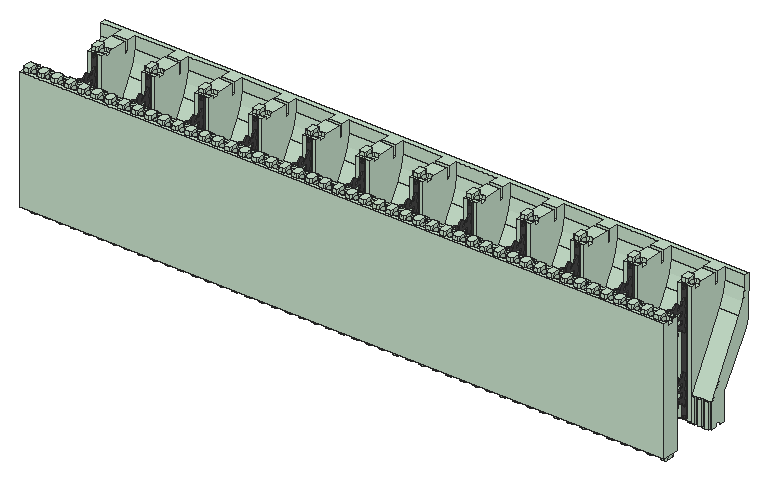
Revit family
Parameters (values of type "152 mm Brick Ledge Form Unit")
  URL = "www.nudura.com"
  Model = "152 mm Brick Ledge Form Unit"
  Manufacturer = "NUDURA Corporation"
  Length = 2438.4 mm
  Concrete Core Thickness = 152.4 mm
Reference planes
  plane 1 "Center (Front/Back)": y = 0
  plane 2: z = 0
  plane 3 "Center (Left/Right)": x = 0
Forms (mm)
  Extrusion 1, solid, material "EPS- NUDURA- Foam Panel"
    sketch origin (0, -0.069, 0) x (1, 0, 0) y (0, 1, 0)
      loop
        line (7.142, -82.55) -> (0, -82.55) -> (0, -142.875) -> (2438.4, -142.875) -> (2438.4, -82.55) -> (2431.258, -82.55) -> (2432.842, -76.2) -> (2418.558, -76.2) -> (2420.142, -82.55) -> (2405.858, -82.55) -> (2407.442, -76.2) -> (2393.158, -76.2) -> (2394.742, -82.55) -> (2380.458, -82.55) -> (2382.042, -76.2) -> (2367.758, -76.2) -> (2369.342, -82.55) -> (2304.258, -82.55) -> (2305.842, -76.2) -> (2291.558, -76.2) -> (2293.142, -82.55) -> (2278.858, -82.55) -> (2280.442, -76.2) -> (2266.158, -76.2) -> (2267.742, -82.55) -> (2253.458, -82.55) -> (2255.042, -76.2) -> (2240.758, -76.2) -> (2242.342, -82.55) -> (2228.058, -82.55) -> (2229.642, -76.2) -> (2215.358, -76.2) -> (2216.942, -82.55) -> (2202.658, -82.55) -> (2204.242, -76.2) -> (2189.958, -76.2) -> (2191.542, -82.55) -> (2177.258, -82.55) -> (2178.842, -76.2) -> (2164.558, -76.2) -> (2166.142, -82.55) -> (2101.058, -82.55) -> (2102.642, -76.2) -> (2088.358, -76.2) -> (2089.942, -82.55) -> (2075.658, -82.55) -> (2077.242, -76.2) -> (2062.958, -76.2) -> (2064.542, -82.55) -> (2050.258, -82.55) -> (2051.842, -76.2) -> (2037.558, -76.2) -> (2039.142, -82.55) -> (2024.858, -82.55) -> (2026.442, -76.2) -> (2012.158, -76.2) -> (2013.742, -82.55) -> (1999.458, -82.55) -> (2001.042, -76.2) -> (1986.758, -76.2) -> (1988.342, -82.55) -> (1974.058, -82.55) -> (1975.642, -76.2) -> (1961.358, -76.2) -> (1962.942, -82.55) -> (1897.858, -82.55) -> (1899.442, -76.2) -> (1885.158, -76.2) -> (1886.742, -82.55) -> (1872.458, -82.55) -> (1874.042, -76.2) -> (1859.758, -76.2) -> (1861.342, -82.55) -> (1847.058, -82.55) -> (1848.642, -76.2) -> (1834.358, -76.2) -> (1835.942, -82.55) -> (1821.658, -82.55) -> (1823.242, -76.2) -> (1808.958, -76.2) -> (1810.542, -82.55) -> (1796.258, -82.55) -> (1797.842, -76.2) -> (1783.558, -76.2) -> (1785.142, -82.55) -> (1770.858, -82.55) -> (1772.442, -76.2) -> (1758.158, -76.2) -> (1759.742, -82.55) -> (1694.658, -82.55) -> (1696.242, -76.2) -> (1681.958, -76.2) -> (1683.542, -82.55) -> (1669.258, -82.55) -> (1670.842, -76.2) -> (1656.558, -76.2) -> (1658.142, -82.55) -> (1643.858, -82.55) -> (1645.442, -76.2) -> (1631.158, -76.2) -> (1632.742, -82.55) -> (1618.458, -82.55) -> (1620.042, -76.2) -> (1605.758, -76.2) -> (1607.342, -82.55) -> (1593.058, -82.55) -> (1594.642, -76.2) -> (1580.358, -76.2) -> (1581.942, -82.55) -> (1567.658, -82.55) -> (1569.242, -76.2) -> (1554.958, -76.2) -> (1556.542, -82.55) -> (1491.458, -82.55) -> (1493.042, -76.2) -> (1478.758, -76.2) -> (1480.342, -82.55) -> (1466.058, -82.55) -> (1467.642, -76.2) -> (1453.358, -76.2) -> (1454.942, -82.55) -> (1440.658, -82.55) -> (1442.242, -76.2) -> (1427.958, -76.2) -> (1429.542, -82.55) -> (1415.258, -82.55) -> (1416.842, -76.2) -> (1402.558, -76.2) -> (1404.142, -82.55) -> (1389.858, -82.55) -> (1391.442, -76.2) -> (1377.158, -76.2) -> (1378.742, -82.55) -> (1364.458, -82.55) -> (1366.042, -76.2) -> (1351.758, -76.2) -> (1353.342, -82.55) -> (1288.258, -82.55) -> (1289.842, -76.2) -> (1275.558, -76.2) -> (1277.142, -82.55) -> (1262.858, -82.55) -> (1264.442, -76.2) -> (1250.158, -76.2) -> (1251.742, -82.55) -> (1237.458, -82.55) -> (1239.042, -76.2) -> (1224.758, -76.2) -> (1226.342, -82.55) -> (1212.058, -82.55) -> (1213.642, -76.2) -> (1199.358, -76.2) -> (1200.942, -82.55) -> (1186.658, -82.55) -> (1188.242, -76.2) -> (1173.958, -76.2) -> (1175.542, -82.55) -> (1161.258, -82.55) -> (1162.842, -76.2) -> (1148.558, -76.2) -> (1150.142, -82.55) -> (1085.058, -82.55) -> (1086.642, -76.2) -> (1072.358, -76.2) -> (1073.942, -82.55) -> (1059.658, -82.55) -> (1061.242, -76.2) -> (1046.958, -76.2) -> (1048.542, -82.55) -> (1034.258, -82.55) -> (1035.842, -76.2) -> (1021.558, -76.2) -> (1023.142, -82.55) -> (1008.858, -82.55) -> (1010.442, -76.2) -> (996.158, -76.2) -> (997.742, -82.55) -> (983.458, -82.55) -> (985.042, -76.2) -> (970.758, -76.2) -> (972.342, -82.55) -> (958.058, -82.55) -> (959.642, -76.2) -> (945.358, -76.2) -> (946.942, -82.55) -> (881.858, -82.55) -> (883.442, -76.2) -> (869.158, -76.2) -> (870.742, -82.55) -> (856.458, -82.55) -> (858.042, -76.2) -> (843.758, -76.2) -> (845.342, -82.55) -> (831.058, -82.55) -> (832.642, -76.2) -> (818.358, -76.2) -> (819.942, -82.55) -> (805.658, -82.55) -> (807.242, -76.2) -> (792.958, -76.2) -> (794.542, -82.55) -> (780.258, -82.55) -> (781.842, -76.2) -> (767.558, -76.2) -> (769.142, -82.55) -> (754.858, -82.55) -> (756.442, -76.2) -> (742.158, -76.2) -> (743.742, -82.55) -> (678.658, -82.55) -> (680.242, -76.2) -> (665.958, -76.2) -> (667.542, -82.55) -> (653.258, -82.55) -> (654.842, -76.2) -> (640.558, -76.2) -> (642.142, -82.55) -> (627.858, -82.55) -> (629.442, -76.2) -> (615.158, -76.2) -> (616.742, -82.55) -> (602.458, -82.55) -> (604.042, -76.2) -> (589.758, -76.2) -> (591.342, -82.55) -> (577.058, -82.55) -> (578.642, -76.2) -> (564.358, -76.2) -> (565.942, -82.55) -> (551.658, -82.55) -> (553.242, -76.2) -> (538.958, -76.2) -> (540.542, -82.55) -> (475.458, -82.55) -> (477.042, -76.2) -> (462.758, -76.2) -> (464.342, -82.55) -> (450.058, -82.55) -> (451.642, -76.2) -> (437.358, -76.2) -> (438.942, -82.55) -> (424.658, -82.55) -> (426.242, -76.2) -> (411.958, -76.2) -> (413.542, -82.55) -> (399.258, -82.55) -> (400.842, -76.2) -> (386.558, -76.2) -> (388.142, -82.55) -> (373.858, -82.55) -> (375.442, -76.2) -> (361.158, -76.2) -> (362.742, -82.55) -> (348.458, -82.55) -> (350.042, -76.2) -> (335.758, -76.2) -> (337.342, -82.55) -> (272.258, -82.55) -> (273.842, -76.2) -> (259.558, -76.2) -> (261.142, -82.55) -> (246.858, -82.55) -> (248.442, -76.2) -> (234.158, -76.2) -> (235.742, -82.55) -> (221.458, -82.55) -> (223.042, -76.2) -> (208.758, -76.2) -> (210.342, -82.55) -> (196.058, -82.55) -> (197.642, -76.2) -> (183.358, -76.2) -> (184.942, -82.55) -> (170.658, -82.55) -> (172.242, -76.2) -> (157.958, -76.2) -> (159.542, -82.55) -> (145.258, -82.55) -> (146.842, -76.2) -> (132.558, -76.2) -> (134.142, -82.55) -> (69.058, -82.55) -> (70.642, -76.2) -> (56.358, -76.2) -> (57.942, -82.55) -> (43.658, -82.55) -> (45.242, -76.2) -> (30.958, -76.2) -> (32.542, -82.55) -> (18.258, -82.55) -> (19.842, -76.2) -> (5.558, -76.2) -> (7.142, -82.55)
    from 0 to 457.2
  Extrusion 2, void
    sketch origin (0, -0.069, 0) x (1, 0, 0) y (0, 1, 0)
      loop
        arc (25.4, -124.411) -> (26.615, -128.147) -> (29.796, -130.453) r 6.35
        arc (29.796, -130.453) -> (38.1, -131.763) -> (46.404, -130.453) r 26.987
        arc (46.404, -130.453) -> (49.585, -128.147) -> (50.8, -124.411) r 6.35
        line (50.8, -124.411) -> (50.8, -101.014)
        arc (50.8, -101.014) -> (50.362, -98.696) -> (49.108, -96.698) r 6.35
        arc (49.108, -96.698) -> (48.795, -96.199) -> (48.685, -95.62) r 1.588
        line (48.685, -95.62) -> (48.685, -86.829) -> (44.346, -86.829) -> (44.346, -92.457)
        arc (44.346, -92.457) -> (43.786, -93.668) -> (42.5, -94.024) r 1.587
        arc (42.5, -94.024) -> (36.091, -93.737) -> (29.796, -94.972) r 26.988
        arc (29.796, -94.972) -> (26.615, -97.278) -> (25.4, -101.014) r 6.35
        line (25.4, -101.014) -> (25.4, -124.411)
    from 457.2 to 444.5
  Extrusion 3, void
    sketch origin (50.8, -0.069, 0) x (1, 0, 0) y (0, 1, 0)
      loop
        arc (25.4, -124.411) -> (26.615, -128.147) -> (29.796, -130.453) r 6.35
        arc (29.796, -130.453) -> (38.1, -131.763) -> (46.404, -130.453) r 26.987
        arc (46.404, -130.453) -> (49.585, -128.147) -> (50.8, -124.411) r 6.35
        line (50.8, -124.411) -> (50.8, -101.014)
        arc (50.8, -101.014) -> (50.362, -98.696) -> (49.108, -96.698) r 6.35
        arc (49.108, -96.698) -> (48.795, -96.199) -> (48.685, -95.62) r 1.588
        line (48.685, -95.62) -> (48.685, -86.829) -> (44.346, -86.829) -> (44.346, -92.457)
        arc (44.346, -92.457) -> (43.786, -93.668) -> (42.5, -94.024) r 1.587
        arc (42.5, -94.024) -> (36.091, -93.737) -> (29.796, -94.972) r 26.988
        arc (29.796, -94.972) -> (26.615, -97.278) -> (25.4, -101.014) r 6.35
        line (25.4, -101.014) -> (25.4, -124.411)
    from 457.2 to 444.5
  Extrusion 4, void
    sketch origin (101.6, -0.069, 0) x (1, 0, 0) y (0, 1, 0)
      loop
        arc (25.4, -124.411) -> (26.615, -128.147) -> (29.796, -130.453) r 6.35
        arc (29.796, -130.453) -> (38.1, -131.763) -> (46.404, -130.453) r 26.987
        arc (46.404, -130.453) -> (49.585, -128.147) -> (50.8, -124.411) r 6.35
        line (50.8, -124.411) -> (50.8, -101.014)
        arc (50.8, -101.014) -> (50.362, -98.696) -> (49.108, -96.698) r 6.35
        arc (49.108, -96.698) -> (48.795, -96.199) -> (48.685, -95.62) r 1.588
        line (48.685, -95.62) -> (48.685, -86.829) -> (44.346, -86.829) -> (44.346, -92.457)
        arc (44.346, -92.457) -> (43.786, -93.668) -> (42.5, -94.024) r 1.587
        arc (42.5, -94.024) -> (36.091, -93.737) -> (29.796, -94.972) r 26.988
        arc (29.796, -94.972) -> (26.615, -97.278) -> (25.4, -101.014) r 6.35
        line (25.4, -101.014) -> (25.4, -124.411)
    from 457.2 to 444.5
  Extrusion 5, void
    sketch origin (152.4, -0.069, 0) x (1, 0, 0) y (0, 1, 0)
      loop
        arc (25.4, -124.411) -> (26.615, -128.147) -> (29.796, -130.453) r 6.35
        arc (29.796, -130.453) -> (38.1, -131.763) -> (46.404, -130.453) r 26.987
        arc (46.404, -130.453) -> (49.585, -128.147) -> (50.8, -124.411) r 6.35
        line (50.8, -124.411) -> (50.8, -101.014)
        arc (50.8, -101.014) -> (50.362, -98.696) -> (49.108, -96.698) r 6.35
        arc (49.108, -96.698) -> (48.795, -96.199) -> (48.685, -95.62) r 1.588
        line (48.685, -95.62) -> (48.685, -86.829) -> (44.346, -86.829) -> (44.346, -92.457)
        arc (44.346, -92.457) -> (43.786, -93.668) -> (42.5, -94.024) r 1.587
        arc (42.5, -94.024) -> (36.091, -93.737) -> (29.796, -94.972) r 26.988
        arc (29.796, -94.972) -> (26.615, -97.278) -> (25.4, -101.014) r 6.35
        line (25.4, -101.014) -> (25.4, -124.411)
    from 457.2 to 444.5
  Extrusion 6, void
    sketch origin (203.2, -0.069, 0) x (1, 0, 0) y (0, 1, 0)
      loop
        arc (25.4, -124.411) -> (26.615, -128.147) -> (29.796, -130.453) r 6.35
        arc (29.796, -130.453) -> (38.1, -131.763) -> (46.404, -130.453) r 26.987
        arc (46.404, -130.453) -> (49.585, -128.147) -> (50.8, -124.411) r 6.35
        line (50.8, -124.411) -> (50.8, -101.014)
        arc (50.8, -101.014) -> (50.362, -98.696) -> (49.108, -96.698) r 6.35
        arc (49.108, -96.698) -> (48.795, -96.199) -> (48.685, -95.62) r 1.588
        line (48.685, -95.62) -> (48.685, -86.829) -> (44.346, -86.829) -> (44.346, -92.457)
        arc (44.346, -92.457) -> (43.786, -93.668) -> (42.5, -94.024) r 1.587
        arc (42.5, -94.024) -> (36.091, -93.737) -> (29.796, -94.972) r 26.988
        arc (29.796, -94.972) -> (26.615, -97.278) -> (25.4, -101.014) r 6.35
        line (25.4, -101.014) -> (25.4, -124.411)
    from 457.2 to 444.5
  Extrusion 7, void
    sketch origin (254, -0.069, 0) x (1, 0, 0) y (0, 1, 0)
      loop
        arc (25.4, -124.411) -> (26.615, -128.147) -> (29.796, -130.453) r 6.35
        arc (29.796, -130.453) -> (38.1, -131.763) -> (46.404, -130.453) r 26.987
        arc (46.404, -130.453) -> (49.585, -128.147) -> (50.8, -124.411) r 6.35
        line (50.8, -124.411) -> (50.8, -101.014)
        arc (50.8, -101.014) -> (50.362, -98.696) -> (49.108, -96.698) r 6.35
        arc (49.108, -96.698) -> (48.795, -96.199) -> (48.685, -95.62) r 1.588
        line (48.685, -95.62) -> (48.685, -86.829) -> (44.346, -86.829) -> (44.346, -92.457)
        arc (44.346, -92.457) -> (43.786, -93.668) -> (42.5, -94.024) r 1.587
        arc (42.5, -94.024) -> (36.091, -93.737) -> (29.796, -94.972) r 26.988
        arc (29.796, -94.972) -> (26.615, -97.278) -> (25.4, -101.014) r 6.35
        line (25.4, -101.014) -> (25.4, -124.411)
    from 457.2 to 444.5
  Extrusion 8, void
    sketch origin (304.8, -0.069, 0) x (1, 0, 0) y (0, 1, 0)
      loop
        arc (25.4, -124.411) -> (26.615, -128.147) -> (29.796, -130.453) r 6.35
        arc (29.796, -130.453) -> (38.1, -131.763) -> (46.404, -130.453) r 26.987
        arc (46.404, -130.453) -> (49.585, -128.147) -> (50.8, -124.411) r 6.35
        line (50.8, -124.411) -> (50.8, -101.014)
        arc (50.8, -101.014) -> (50.362, -98.696) -> (49.108, -96.698) r 6.35
        arc (49.108, -96.698) -> (48.795, -96.199) -> (48.685, -95.62) r 1.588
        line (48.685, -95.62) -> (48.685, -86.829) -> (44.346, -86.829) -> (44.346, -92.457)
        arc (44.346, -92.457) -> (43.786, -93.668) -> (42.5, -94.024) r 1.587
        arc (42.5, -94.024) -> (36.091, -93.737) -> (29.796, -94.972) r 26.988
        arc (29.796, -94.972) -> (26.615, -97.278) -> (25.4, -101.014) r 6.35
        line (25.4, -101.014) -> (25.4, -124.411)
    from 457.2 to 444.5
  Extrusion 9, void
    sketch origin (355.6, -0.069, 0) x (1, 0, 0) y (0, 1, 0)
      loop
        arc (25.4, -124.411) -> (26.615, -128.147) -> (29.796, -130.453) r 6.35
        arc (29.796, -130.453) -> (38.1, -131.763) -> (46.404, -130.453) r 26.987
        arc (46.404, -130.453) -> (49.585, -128.147) -> (50.8, -124.411) r 6.35
        line (50.8, -124.411) -> (50.8, -101.014)
        arc (50.8, -101.014) -> (50.362, -98.696) -> (49.108, -96.698) r 6.35
        arc (49.108, -96.698) -> (48.795, -96.199) -> (48.685, -95.62) r 1.588
        line (48.685, -95.62) -> (48.685, -86.829) -> (44.346, -86.829) -> (44.346, -92.457)
        arc (44.346, -92.457) -> (43.786, -93.668) -> (42.5, -94.024) r 1.587
        arc (42.5, -94.024) -> (36.091, -93.737) -> (29.796, -94.972) r 26.988
        arc (29.796, -94.972) -> (26.615, -97.278) -> (25.4, -101.014) r 6.35
        line (25.4, -101.014) -> (25.4, -124.411)
    from 457.2 to 444.5
  Extrusion 10, void
    sketch origin (406.4, -0.069, 0) x (1, 0, 0) y (0, 1, 0)
      loop
        arc (25.4, -124.411) -> (26.615, -128.147) -> (29.796, -130.453) r 6.35
        arc (29.796, -130.453) -> (38.1, -131.763) -> (46.404, -130.453) r 26.987
        arc (46.404, -130.453) -> (49.585, -128.147) -> (50.8, -124.411) r 6.35
        line (50.8, -124.411) -> (50.8, -101.014)
        arc (50.8, -101.014) -> (50.362, -98.696) -> (49.108, -96.698) r 6.35
        arc (49.108, -96.698) -> (48.795, -96.199) -> (48.685, -95.62) r 1.588
        line (48.685, -95.62) -> (48.685, -86.829) -> (44.346, -86.829) -> (44.346, -92.457)
        arc (44.346, -92.457) -> (43.786, -93.668) -> (42.5, -94.024) r 1.587
        arc (42.5, -94.024) -> (36.091, -93.737) -> (29.796, -94.972) r 26.988
        arc (29.796, -94.972) -> (26.615, -97.278) -> (25.4, -101.014) r 6.35
        line (25.4, -101.014) -> (25.4, -124.411)
    from 457.2 to 444.5
  Extrusion 11, void
    sketch origin (457.2, -0.069, 0) x (1, 0, 0) y (0, 1, 0)
      loop
        arc (25.4, -124.411) -> (26.615, -128.147) -> (29.796, -130.453) r 6.35
        arc (29.796, -130.453) -> (38.1, -131.763) -> (46.404, -130.453) r 26.987
        arc (46.404, -130.453) -> (49.585, -128.147) -> (50.8, -124.411) r 6.35
        line (50.8, -124.411) -> (50.8, -101.014)
        arc (50.8, -101.014) -> (50.362, -98.696) -> (49.108, -96.698) r 6.35
        arc (49.108, -96.698) -> (48.795, -96.199) -> (48.685, -95.62) r 1.588
        line (48.685, -95.62) -> (48.685, -86.829) -> (44.346, -86.829) -> (44.346, -92.457)
        arc (44.346, -92.457) -> (43.786, -93.668) -> (42.5, -94.024) r 1.587
        arc (42.5, -94.024) -> (36.091, -93.737) -> (29.796, -94.972) r 26.988
        arc (29.796, -94.972) -> (26.615, -97.278) -> (25.4, -101.014) r 6.35
        line (25.4, -101.014) -> (25.4, -124.411)
    from 457.2 to 444.5
  Extrusion 12, void
    sketch origin (508, -0.069, 0) x (1, 0, 0) y (0, 1, 0)
      loop
        arc (25.4, -124.411) -> (26.615, -128.147) -> (29.796, -130.453) r 6.35
        arc (29.796, -130.453) -> (38.1, -131.763) -> (46.404, -130.453) r 26.987
        arc (46.404, -130.453) -> (49.585, -128.147) -> (50.8, -124.411) r 6.35
        line (50.8, -124.411) -> (50.8, -101.014)
        arc (50.8, -101.014) -> (50.362, -98.696) -> (49.108, -96.698) r 6.35
        arc (49.108, -96.698) -> (48.795, -96.199) -> (48.685, -95.62) r 1.588
        line (48.685, -95.62) -> (48.685, -86.829) -> (44.346, -86.829) -> (44.346, -92.457)
        arc (44.346, -92.457) -> (43.786, -93.668) -> (42.5, -94.024) r 1.587
        arc (42.5, -94.024) -> (36.091, -93.737) -> (29.796, -94.972) r 26.988
        arc (29.796, -94.972) -> (26.615, -97.278) -> (25.4, -101.014) r 6.35
        line (25.4, -101.014) -> (25.4, -124.411)
    from 457.2 to 444.5
  Extrusion 13, void
    sketch origin (558.8, -0.069, 0) x (1, 0, 0) y (0, 1, 0)
      loop
        arc (25.4, -124.411) -> (26.615, -128.147) -> (29.796, -130.453) r 6.35
        arc (29.796, -130.453) -> (38.1, -131.763) -> (46.404, -130.453) r 26.987
        arc (46.404, -130.453) -> (49.585, -128.147) -> (50.8, -124.411) r 6.35
        line (50.8, -124.411) -> (50.8, -101.014)
        arc (50.8, -101.014) -> (50.362, -98.696) -> (49.108, -96.698) r 6.35
        arc (49.108, -96.698) -> (48.795, -96.199) -> (48.685, -95.62) r 1.588
        line (48.685, -95.62) -> (48.685, -86.829) -> (44.346, -86.829) -> (44.346, -92.457)
        arc (44.346, -92.457) -> (43.786, -93.668) -> (42.5, -94.024) r 1.587
        arc (42.5, -94.024) -> (36.091, -93.737) -> (29.796, -94.972) r 26.988
        arc (29.796, -94.972) -> (26.615, -97.278) -> (25.4, -101.014) r 6.35
        line (25.4, -101.014) -> (25.4, -124.411)
    from 457.2 to 444.5
  Extrusion 14, void
    sketch origin (609.6, -0.069, 0) x (1, 0, 0) y (0, 1, 0)
      loop
        arc (25.4, -124.411) -> (26.615, -128.147) -> (29.796, -130.453) r 6.35
        arc (29.796, -130.453) -> (38.1, -131.763) -> (46.404, -130.453) r 26.987
        arc (46.404, -130.453) -> (49.585, -128.147) -> (50.8, -124.411) r 6.35
        line (50.8, -124.411) -> (50.8, -101.014)
        arc (50.8, -101.014) -> (50.362, -98.696) -> (49.108, -96.698) r 6.35
        arc (49.108, -96.698) -> (48.795, -96.199) -> (48.685, -95.62) r 1.588
        line (48.685, -95.62) -> (48.685, -86.829) -> (44.346, -86.829) -> (44.346, -92.457)
        arc (44.346, -92.457) -> (43.786, -93.668) -> (42.5, -94.024) r 1.587
        arc (42.5, -94.024) -> (36.091, -93.737) -> (29.796, -94.972) r 26.988
        arc (29.796, -94.972) -> (26.615, -97.278) -> (25.4, -101.014) r 6.35
        line (25.4, -101.014) -> (25.4, -124.411)
    from 457.2 to 444.5
  Extrusion 15, void
    sketch origin (660.4, -0.069, 0) x (1, 0, 0) y (0, 1, 0)
      loop
        arc (25.4, -124.411) -> (26.615, -128.147) -> (29.796, -130.453) r 6.35
        arc (29.796, -130.453) -> (38.1, -131.763) -> (46.404, -130.453) r 26.987
        arc (46.404, -130.453) -> (49.585, -128.147) -> (50.8, -124.411) r 6.35
        line (50.8, -124.411) -> (50.8, -101.014)
        arc (50.8, -101.014) -> (50.362, -98.696) -> (49.108, -96.698) r 6.35
        arc (49.108, -96.698) -> (48.795, -96.199) -> (48.685, -95.62) r 1.588
        line (48.685, -95.62) -> (48.685, -86.829) -> (44.346, -86.829) -> (44.346, -92.457)
        arc (44.346, -92.457) -> (43.786, -93.668) -> (42.5, -94.024) r 1.587
        arc (42.5, -94.024) -> (36.091, -93.737) -> (29.796, -94.972) r 26.988
        arc (29.796, -94.972) -> (26.615, -97.278) -> (25.4, -101.014) r 6.35
        line (25.4, -101.014) -> (25.4, -124.411)
    from 457.2 to 444.5
  Extrusion 16, void
    sketch origin (711.2, -0.069, 0) x (1, 0, 0) y (0, 1, 0)
      loop
        arc (25.4, -124.411) -> (26.615, -128.147) -> (29.796, -130.453) r 6.35
        arc (29.796, -130.453) -> (38.1, -131.763) -> (46.404, -130.453) r 26.987
        arc (46.404, -130.453) -> (49.585, -128.147) -> (50.8, -124.411) r 6.35
        line (50.8, -124.411) -> (50.8, -101.014)
        arc (50.8, -101.014) -> (50.362, -98.696) -> (49.108, -96.698) r 6.35
        arc (49.108, -96.698) -> (48.795, -96.199) -> (48.685, -95.62) r 1.588
        line (48.685, -95.62) -> (48.685, -86.829) -> (44.346, -86.829) -> (44.346, -92.457)
        arc (44.346, -92.457) -> (43.786, -93.668) -> (42.5, -94.024) r 1.587
        arc (42.5, -94.024) -> (36.091, -93.737) -> (29.796, -94.972) r 26.988
        arc (29.796, -94.972) -> (26.615, -97.278) -> (25.4, -101.014) r 6.35
        line (25.4, -101.014) -> (25.4, -124.411)
    from 457.2 to 444.5
  Extrusion 17, void
    sketch origin (762, -0.069, 0) x (1, 0, 0) y (0, 1, 0)
      loop
        arc (25.4, -124.411) -> (26.615, -128.147) -> (29.796, -130.453) r 6.35
        arc (29.796, -130.453) -> (38.1, -131.763) -> (46.404, -130.453) r 26.987
        arc (46.404, -130.453) -> (49.585, -128.147) -> (50.8, -124.411) r 6.35
        line (50.8, -124.411) -> (50.8, -101.014)
        arc (50.8, -101.014) -> (50.362, -98.696) -> (49.108, -96.698) r 6.35
        arc (49.108, -96.698) -> (48.795, -96.199) -> (48.685, -95.62) r 1.588
        line (48.685, -95.62) -> (48.685, -86.829) -> (44.346, -86.829) -> (44.346, -92.457)
        arc (44.346, -92.457) -> (43.786, -93.668) -> (42.5, -94.024) r 1.587
        arc (42.5, -94.024) -> (36.091, -93.737) -> (29.796, -94.972) r 26.988
        arc (29.796, -94.972) -> (26.615, -97.278) -> (25.4, -101.014) r 6.35
        line (25.4, -101.014) -> (25.4, -124.411)
    from 457.2 to 444.5
  Extrusion 18, void
    sketch origin (812.8, -0.069, 0) x (1, 0, 0) y (0, 1, 0)
      loop
        arc (25.4, -124.411) -> (26.615, -128.147) -> (29.796, -130.453) r 6.35
        arc (29.796, -130.453) -> (38.1, -131.763) -> (46.404, -130.453) r 26.987
        arc (46.404, -130.453) -> (49.585, -128.147) -> (50.8, -124.411) r 6.35
        line (50.8, -124.411) -> (50.8, -101.014)
        arc (50.8, -101.014) -> (50.362, -98.696) -> (49.108, -96.698) r 6.35
        arc (49.108, -96.698) -> (48.795, -96.199) -> (48.685, -95.62) r 1.588
        line (48.685, -95.62) -> (48.685, -86.829) -> (44.346, -86.829) -> (44.346, -92.457)
        arc (44.346, -92.457) -> (43.786, -93.668) -> (42.5, -94.024) r 1.587
        arc (42.5, -94.024) -> (36.091, -93.737) -> (29.796, -94.972) r 26.988
        arc (29.796, -94.972) -> (26.615, -97.278) -> (25.4, -101.014) r 6.35
        line (25.4, -101.014) -> (25.4, -124.411)
    from 457.2 to 444.5
  Extrusion 19, void
    sketch origin (863.6, -0.069, 0) x (1, 0, 0) y (0, 1, 0)
      loop
        arc (25.4, -124.411) -> (26.615, -128.147) -> (29.796, -130.453) r 6.35
        arc (29.796, -130.453) -> (38.1, -131.763) -> (46.404, -130.453) r 26.987
        arc (46.404, -130.453) -> (49.585, -128.147) -> (50.8, -124.411) r 6.35
        line (50.8, -124.411) -> (50.8, -101.014)
        arc (50.8, -101.014) -> (50.362, -98.696) -> (49.108, -96.698) r 6.35
        arc (49.108, -96.698) -> (48.795, -96.199) -> (48.685, -95.62) r 1.588
        line (48.685, -95.62) -> (48.685, -86.829) -> (44.346, -86.829) -> (44.346, -92.457)
        arc (44.346, -92.457) -> (43.786, -93.668) -> (42.5, -94.024) r 1.587
        arc (42.5, -94.024) -> (36.091, -93.737) -> (29.796, -94.972) r 26.988
        arc (29.796, -94.972) -> (26.615, -97.278) -> (25.4, -101.014) r 6.35
        line (25.4, -101.014) -> (25.4, -124.411)
    from 457.2 to 444.5
  Extrusion 20, void
    sketch origin (914.4, -0.069, 0) x (1, 0, 0) y (0, 1, 0)
      loop
        arc (25.4, -124.411) -> (26.615, -128.147) -> (29.796, -130.453) r 6.35
        arc (29.796, -130.453) -> (38.1, -131.763) -> (46.404, -130.453) r 26.987
        arc (46.404, -130.453) -> (49.585, -128.147) -> (50.8, -124.411) r 6.35
        line (50.8, -124.411) -> (50.8, -101.014)
        arc (50.8, -101.014) -> (50.362, -98.696) -> (49.108, -96.698) r 6.35
        arc (49.108, -96.698) -> (48.795, -96.199) -> (48.685, -95.62) r 1.588
        line (48.685, -95.62) -> (48.685, -86.829) -> (44.346, -86.829) -> (44.346, -92.457)
        arc (44.346, -92.457) -> (43.786, -93.668) -> (42.5, -94.024) r 1.587
        arc (42.5, -94.024) -> (36.091, -93.737) -> (29.796, -94.972) r 26.988
        arc (29.796, -94.972) -> (26.615, -97.278) -> (25.4, -101.014) r 6.35
        line (25.4, -101.014) -> (25.4, -124.411)
    from 457.2 to 444.5
  Extrusion 21, void
    sketch origin (965.2, -0.069, 0) x (1, 0, 0) y (0, 1, 0)
      loop
        arc (25.4, -124.411) -> (26.615, -128.147) -> (29.796, -130.453) r 6.35
        arc (29.796, -130.453) -> (38.1, -131.763) -> (46.404, -130.453) r 26.987
        arc (46.404, -130.453) -> (49.585, -128.147) -> (50.8, -124.411) r 6.35
        line (50.8, -124.411) -> (50.8, -101.014)
        arc (50.8, -101.014) -> (50.362, -98.696) -> (49.108, -96.698) r 6.35
        arc (49.108, -96.698) -> (48.795, -96.199) -> (48.685, -95.62) r 1.588
        line (48.685, -95.62) -> (48.685, -86.829) -> (44.346, -86.829) -> (44.346, -92.457)
        arc (44.346, -92.457) -> (43.786, -93.668) -> (42.5, -94.024) r 1.587
        arc (42.5, -94.024) -> (36.091, -93.737) -> (29.796, -94.972) r 26.988
        arc (29.796, -94.972) -> (26.615, -97.278) -> (25.4, -101.014) r 6.35
        line (25.4, -101.014) -> (25.4, -124.411)
    from 457.2 to 444.5
  Extrusion 22, void
    sketch origin (1016, -0.069, 0) x (1, 0, 0) y (0, 1, 0)
      loop
        arc (25.4, -124.411) -> (26.615, -128.147) -> (29.796, -130.453) r 6.35
        arc (29.796, -130.453) -> (38.1, -131.763) -> (46.404, -130.453) r 26.987
        arc (46.404, -130.453) -> (49.585, -128.147) -> (50.8, -124.411) r 6.35
        line (50.8, -124.411) -> (50.8, -101.014)
        arc (50.8, -101.014) -> (50.362, -98.696) -> (49.108, -96.698) r 6.35
        arc (49.108, -96.698) -> (48.795, -96.199) -> (48.685, -95.62) r 1.588
        line (48.685, -95.62) -> (48.685, -86.829) -> (44.346, -86.829) -> (44.346, -92.457)
        arc (44.346, -92.457) -> (43.786, -93.668) -> (42.5, -94.024) r 1.587
        arc (42.5, -94.024) -> (36.091, -93.737) -> (29.796, -94.972) r 26.988
        arc (29.796, -94.972) -> (26.615, -97.278) -> (25.4, -101.014) r 6.35
        line (25.4, -101.014) -> (25.4, -124.411)
    from 457.2 to 444.5
  Extrusion 23, void
    sketch origin (1066.8, -0.069, 0) x (1, 0, 0) y (0, 1, 0)
      loop
        arc (25.4, -124.411) -> (26.615, -128.147) -> (29.796, -130.453) r 6.35
        arc (29.796, -130.453) -> (38.1, -131.763) -> (46.404, -130.453) r 26.987
        arc (46.404, -130.453) -> (49.585, -128.147) -> (50.8, -124.411) r 6.35
        line (50.8, -124.411) -> (50.8, -101.014)
        arc (50.8, -101.014) -> (50.362, -98.696) -> (49.108, -96.698) r 6.35
        arc (49.108, -96.698) -> (48.795, -96.199) -> (48.685, -95.62) r 1.588
        line (48.685, -95.62) -> (48.685, -86.829) -> (44.346, -86.829) -> (44.346, -92.457)
        arc (44.346, -92.457) -> (43.786, -93.668) -> (42.5, -94.024) r 1.587
        arc (42.5, -94.024) -> (36.091, -93.737) -> (29.796, -94.972) r 26.988
        arc (29.796, -94.972) -> (26.615, -97.278) -> (25.4, -101.014) r 6.35
        line (25.4, -101.014) -> (25.4, -124.411)
    from 457.2 to 444.5
  Extrusion 24, void
    sketch origin (1117.6, -0.069, 0) x (1, 0, 0) y (0, 1, 0)
      loop
        arc (25.4, -124.411) -> (26.615, -128.147) -> (29.796, -130.453) r 6.35
        arc (29.796, -130.453) -> (38.1, -131.763) -> (46.404, -130.453) r 26.987
        arc (46.404, -130.453) -> (49.585, -128.147) -> (50.8, -124.411) r 6.35
        line (50.8, -124.411) -> (50.8, -101.014)
        arc (50.8, -101.014) -> (50.362, -98.696) -> (49.108, -96.698) r 6.35
        arc (49.108, -96.698) -> (48.795, -96.199) -> (48.685, -95.62) r 1.588
        line (48.685, -95.62) -> (48.685, -86.829) -> (44.346, -86.829) -> (44.346, -92.457)
        arc (44.346, -92.457) -> (43.786, -93.668) -> (42.5, -94.024) r 1.587
        arc (42.5, -94.024) -> (36.091, -93.737) -> (29.796, -94.972) r 26.988
        arc (29.796, -94.972) -> (26.615, -97.278) -> (25.4, -101.014) r 6.35
        line (25.4, -101.014) -> (25.4, -124.411)
    from 457.2 to 444.5
  Extrusion 25, void
    sketch origin (1168.4, -0.069, 0) x (1, 0, 0) y (0, 1, 0)
      loop
        arc (25.4, -124.411) -> (26.615, -128.147) -> (29.796, -130.453) r 6.35
        arc (29.796, -130.453) -> (38.1, -131.763) -> (46.404, -130.453) r 26.987
        arc (46.404, -130.453) -> (49.585, -128.147) -> (50.8, -124.411) r 6.35
        line (50.8, -124.411) -> (50.8, -101.014)
        arc (50.8, -101.014) -> (50.362, -98.696) -> (49.108, -96.698) r 6.35
        arc (49.108, -96.698) -> (48.795, -96.199) -> (48.685, -95.62) r 1.588
        line (48.685, -95.62) -> (48.685, -86.829) -> (44.346, -86.829) -> (44.346, -92.457)
        arc (44.346, -92.457) -> (43.786, -93.668) -> (42.5, -94.024) r 1.587
        arc (42.5, -94.024) -> (36.091, -93.737) -> (29.796, -94.972) r 26.988
        arc (29.796, -94.972) -> (26.615, -97.278) -> (25.4, -101.014) r 6.35
        line (25.4, -101.014) -> (25.4, -124.411)
    from 457.2 to 444.5
  Extrusion 26, void
    sketch origin (1219.2, -0.069, 0) x (1, 0, 0) y (0, 1, 0)
      loop
        arc (25.4, -124.411) -> (26.615, -128.147) -> (29.796, -130.453) r 6.35
        arc (29.796, -130.453) -> (38.1, -131.763) -> (46.404, -130.453) r 26.987
        arc (46.404, -130.453) -> (49.585, -128.147) -> (50.8, -124.411) r 6.35
        line (50.8, -124.411) -> (50.8, -101.014)
        arc (50.8, -101.014) -> (50.362, -98.696) -> (49.108, -96.698) r 6.35
        arc (49.108, -96.698) -> (48.795, -96.199) -> (48.685, -95.62) r 1.588
        line (48.685, -95.62) -> (48.685, -86.829) -> (44.346, -86.829) -> (44.346, -92.457)
        arc (44.346, -92.457) -> (43.786, -93.668) -> (42.5, -94.024) r 1.587
        arc (42.5, -94.024) -> (36.091, -93.737) -> (29.796, -94.972) r 26.988
        arc (29.796, -94.972) -> (26.615, -97.278) -> (25.4, -101.014) r 6.35
        line (25.4, -101.014) -> (25.4, -124.411)
    from 457.2 to 444.5
  Extrusion 27, void
    sketch origin (1270, -0.069, 0) x (1, 0, 0) y (0, 1, 0)
      loop
        arc (25.4, -124.411) -> (26.615, -128.147) -> (29.796, -130.453) r 6.35
        arc (29.796, -130.453) -> (38.1, -131.763) -> (46.404, -130.453) r 26.987
        arc (46.404, -130.453) -> (49.585, -128.147) -> (50.8, -124.411) r 6.35
        line (50.8, -124.411) -> (50.8, -101.014)
        arc (50.8, -101.014) -> (50.362, -98.696) -> (49.108, -96.698) r 6.35
        arc (49.108, -96.698) -> (48.795, -96.199) -> (48.685, -95.62) r 1.588
        line (48.685, -95.62) -> (48.685, -86.829) -> (44.346, -86.829) -> (44.346, -92.457)
        arc (44.346, -92.457) -> (43.786, -93.668) -> (42.5, -94.024) r 1.587
        arc (42.5, -94.024) -> (36.091, -93.737) -> (29.796, -94.972) r 26.988
        arc (29.796, -94.972) -> (26.615, -97.278) -> (25.4, -101.014) r 6.35
        line (25.4, -101.014) -> (25.4, -124.411)
    from 457.2 to 444.5
  Extrusion 28, void
    sketch origin (1320.8, -0.069, 0) x (1, 0, 0) y (0, 1, 0)
      loop
        arc (25.4, -124.411) -> (26.615, -128.147) -> (29.796, -130.453) r 6.35
        arc (29.796, -130.453) -> (38.1, -131.763) -> (46.404, -130.453) r 26.987
        arc (46.404, -130.453) -> (49.585, -128.147) -> (50.8, -124.411) r 6.35
        line (50.8, -124.411) -> (50.8, -101.014)
        arc (50.8, -101.014) -> (50.362, -98.696) -> (49.108, -96.698) r 6.35
        arc (49.108, -96.698) -> (48.795, -96.199) -> (48.685, -95.62) r 1.588
        line (48.685, -95.62) -> (48.685, -86.829) -> (44.346, -86.829) -> (44.346, -92.457)
        arc (44.346, -92.457) -> (43.786, -93.668) -> (42.5, -94.024) r 1.587
        arc (42.5, -94.024) -> (36.091, -93.737) -> (29.796, -94.972) r 26.988
        arc (29.796, -94.972) -> (26.615, -97.278) -> (25.4, -101.014) r 6.35
        line (25.4, -101.014) -> (25.4, -124.411)
    from 457.2 to 444.5
  Extrusion 29, void
    sketch origin (1371.6, -0.069, 0) x (1, 0, 0) y (0, 1, 0)
      loop
        arc (25.4, -124.411) -> (26.615, -128.147) -> (29.796, -130.453) r 6.35
        arc (29.796, -130.453) -> (38.1, -131.763) -> (46.404, -130.453) r 26.987
        arc (46.404, -130.453) -> (49.585, -128.147) -> (50.8, -124.411) r 6.35
        line (50.8, -124.411) -> (50.8, -101.014)
        arc (50.8, -101.014) -> (50.362, -98.696) -> (49.108, -96.698) r 6.35
        arc (49.108, -96.698) -> (48.795, -96.199) -> (48.685, -95.62) r 1.588
        line (48.685, -95.62) -> (48.685, -86.829) -> (44.346, -86.829) -> (44.346, -92.457)
        arc (44.346, -92.457) -> (43.786, -93.668) -> (42.5, -94.024) r 1.587
        arc (42.5, -94.024) -> (36.091, -93.737) -> (29.796, -94.972) r 26.988
        arc (29.796, -94.972) -> (26.615, -97.278) -> (25.4, -101.014) r 6.35
        line (25.4, -101.014) -> (25.4, -124.411)
    from 457.2 to 444.5
  Extrusion 30, void
    sketch origin (1422.4, -0.069, 0) x (1, 0, 0) y (0, 1, 0)
      loop
        arc (25.4, -124.411) -> (26.615, -128.147) -> (29.796, -130.453) r 6.35
        arc (29.796, -130.453) -> (38.1, -131.763) -> (46.404, -130.453) r 26.987
        arc (46.404, -130.453) -> (49.585, -128.147) -> (50.8, -124.411) r 6.35
        line (50.8, -124.411) -> (50.8, -101.014)
        arc (50.8, -101.014) -> (50.362, -98.696) -> (49.108, -96.698) r 6.35
        arc (49.108, -96.698) -> (48.795, -96.199) -> (48.685, -95.62) r 1.588
        line (48.685, -95.62) -> (48.685, -86.829) -> (44.346, -86.829) -> (44.346, -92.457)
        arc (44.346, -92.457) -> (43.786, -93.668) -> (42.5, -94.024) r 1.587
        arc (42.5, -94.024) -> (36.091, -93.737) -> (29.796, -94.972) r 26.988
        arc (29.796, -94.972) -> (26.615, -97.278) -> (25.4, -101.014) r 6.35
        line (25.4, -101.014) -> (25.4, -124.411)
    from 457.2 to 444.5
  Extrusion 31, void
    sketch origin (1473.2, -0.069, 0) x (1, 0, 0) y (0, 1, 0)
      loop
        arc (25.4, -124.411) -> (26.615, -128.147) -> (29.796, -130.453) r 6.35
        arc (29.796, -130.453) -> (38.1, -131.763) -> (46.404, -130.453) r 26.987
        arc (46.404, -130.453) -> (49.585, -128.147) -> (50.8, -124.411) r 6.35
        line (50.8, -124.411) -> (50.8, -101.014)
        arc (50.8, -101.014) -> (50.362, -98.696) -> (49.108, -96.698) r 6.35
        arc (49.108, -96.698) -> (48.795, -96.199) -> (48.685, -95.62) r 1.588
        line (48.685, -95.62) -> (48.685, -86.829) -> (44.346, -86.829) -> (44.346, -92.457)
        arc (44.346, -92.457) -> (43.786, -93.668) -> (42.5, -94.024) r 1.587
        arc (42.5, -94.024) -> (36.091, -93.737) -> (29.796, -94.972) r 26.988
        arc (29.796, -94.972) -> (26.615, -97.278) -> (25.4, -101.014) r 6.35
        line (25.4, -101.014) -> (25.4, -124.411)
    from 457.2 to 444.5
  Extrusion 32, void
    sketch origin (1524, -0.069, 0) x (1, 0, 0) y (0, 1, 0)
      loop
        arc (25.4, -124.411) -> (26.615, -128.147) -> (29.796, -130.453) r 6.35
        arc (29.796, -130.453) -> (38.1, -131.763) -> (46.404, -130.453) r 26.987
        arc (46.404, -130.453) -> (49.585, -128.147) -> (50.8, -124.411) r 6.35
        line (50.8, -124.411) -> (50.8, -101.014)
        arc (50.8, -101.014) -> (50.362, -98.696) -> (49.108, -96.698) r 6.35
        arc (49.108, -96.698) -> (48.795, -96.199) -> (48.685, -95.62) r 1.588
        line (48.685, -95.62) -> (48.685, -86.829) -> (44.346, -86.829) -> (44.346, -92.457)
        arc (44.346, -92.457) -> (43.786, -93.668) -> (42.5, -94.024) r 1.587
        arc (42.5, -94.024) -> (36.091, -93.737) -> (29.796, -94.972) r 26.988
        arc (29.796, -94.972) -> (26.615, -97.278) -> (25.4, -101.014) r 6.35
        line (25.4, -101.014) -> (25.4, -124.411)
    from 457.2 to 444.5
  Extrusion 33, void
    sketch origin (1574.8, -0.069, 0) x (1, 0, 0) y (0, 1, 0)
      loop
        arc (25.4, -124.411) -> (26.615, -128.147) -> (29.796, -130.453) r 6.35
        arc (29.796, -130.453) -> (38.1, -131.763) -> (46.404, -130.453) r 26.987
        arc (46.404, -130.453) -> (49.585, -128.147) -> (50.8, -124.411) r 6.35
        line (50.8, -124.411) -> (50.8, -101.014)
        arc (50.8, -101.014) -> (50.362, -98.696) -> (49.108, -96.698) r 6.35
        arc (49.108, -96.698) -> (48.795, -96.199) -> (48.685, -95.62) r 1.588
        line (48.685, -95.62) -> (48.685, -86.829) -> (44.346, -86.829) -> (44.346, -92.457)
        arc (44.346, -92.457) -> (43.786, -93.668) -> (42.5, -94.024) r 1.587
        arc (42.5, -94.024) -> (36.091, -93.737) -> (29.796, -94.972) r 26.988
        arc (29.796, -94.972) -> (26.615, -97.278) -> (25.4, -101.014) r 6.35
        line (25.4, -101.014) -> (25.4, -124.411)
    from 457.2 to 444.5
  Extrusion 34, void
    sketch origin (1625.6, -0.069, 0) x (1, 0, 0) y (0, 1, 0)
      loop
        arc (25.4, -124.411) -> (26.615, -128.147) -> (29.796, -130.453) r 6.35
        arc (29.796, -130.453) -> (38.1, -131.763) -> (46.404, -130.453) r 26.987
        arc (46.404, -130.453) -> (49.585, -128.147) -> (50.8, -124.411) r 6.35
        line (50.8, -124.411) -> (50.8, -101.014)
        arc (50.8, -101.014) -> (50.362, -98.696) -> (49.108, -96.698) r 6.35
        arc (49.108, -96.698) -> (48.795, -96.199) -> (48.685, -95.62) r 1.588
        line (48.685, -95.62) -> (48.685, -86.829) -> (44.346, -86.829) -> (44.346, -92.457)
        arc (44.346, -92.457) -> (43.786, -93.668) -> (42.5, -94.024) r 1.587
        arc (42.5, -94.024) -> (36.091, -93.737) -> (29.796, -94.972) r 26.988
        arc (29.796, -94.972) -> (26.615, -97.278) -> (25.4, -101.014) r 6.35
        line (25.4, -101.014) -> (25.4, -124.411)
    from 457.2 to 444.5
  Extrusion 35, void
    sketch origin (1676.4, -0.069, 0) x (1, 0, 0) y (0, 1, 0)
      loop
        arc (25.4, -124.411) -> (26.615, -128.147) -> (29.796, -130.453) r 6.35
        arc (29.796, -130.453) -> (38.1, -131.763) -> (46.404, -130.453) r 26.987
        arc (46.404, -130.453) -> (49.585, -128.147) -> (50.8, -124.411) r 6.35
        line (50.8, -124.411) -> (50.8, -101.014)
        arc (50.8, -101.014) -> (50.362, -98.696) -> (49.108, -96.698) r 6.35
        arc (49.108, -96.698) -> (48.795, -96.199) -> (48.685, -95.62) r 1.588
        line (48.685, -95.62) -> (48.685, -86.829) -> (44.346, -86.829) -> (44.346, -92.457)
        arc (44.346, -92.457) -> (43.786, -93.668) -> (42.5, -94.024) r 1.587
        arc (42.5, -94.024) -> (36.091, -93.737) -> (29.796, -94.972) r 26.988
        arc (29.796, -94.972) -> (26.615, -97.278) -> (25.4, -101.014) r 6.35
        line (25.4, -101.014) -> (25.4, -124.411)
    from 457.2 to 444.5
  Extrusion 36, void
    sketch origin (1727.2, -0.069, 0) x (1, 0, 0) y (0, 1, 0)
      loop
        arc (25.4, -124.411) -> (26.615, -128.147) -> (29.796, -130.453) r 6.35
        arc (29.796, -130.453) -> (38.1, -131.763) -> (46.404, -130.453) r 26.987
        arc (46.404, -130.453) -> (49.585, -128.147) -> (50.8, -124.411) r 6.35
        line (50.8, -124.411) -> (50.8, -101.014)
        arc (50.8, -101.014) -> (50.362, -98.696) -> (49.108, -96.698) r 6.35
        arc (49.108, -96.698) -> (48.795, -96.199) -> (48.685, -95.62) r 1.588
        line (48.685, -95.62) -> (48.685, -86.829) -> (44.346, -86.829) -> (44.346, -92.457)
        arc (44.346, -92.457) -> (43.786, -93.668) -> (42.5, -94.024) r 1.587
        arc (42.5, -94.024) -> (36.091, -93.737) -> (29.796, -94.972) r 26.988
        arc (29.796, -94.972) -> (26.615, -97.278) -> (25.4, -101.014) r 6.35
        line (25.4, -101.014) -> (25.4, -124.411)
    from 457.2 to 444.5
  Extrusion 37, void
    sketch origin (1778, -0.069, 0) x (1, 0, 0) y (0, 1, 0)
      loop
        arc (25.4, -124.411) -> (26.615, -128.147) -> (29.796, -130.453) r 6.35
        arc (29.796, -130.453) -> (38.1, -131.763) -> (46.404, -130.453) r 26.987
        arc (46.404, -130.453) -> (49.585, -128.147) -> (50.8, -124.411) r 6.35
        line (50.8, -124.411) -> (50.8, -101.014)
        arc (50.8, -101.014) -> (50.362, -98.696) -> (49.108, -96.698) r 6.35
        arc (49.108, -96.698) -> (48.795, -96.199) -> (48.685, -95.62) r 1.588
        line (48.685, -95.62) -> (48.685, -86.829) -> (44.346, -86.829) -> (44.346, -92.457)
        arc (44.346, -92.457) -> (43.786, -93.668) -> (42.5, -94.024) r 1.587
        arc (42.5, -94.024) -> (36.091, -93.737) -> (29.796, -94.972) r 26.988
        arc (29.796, -94.972) -> (26.615, -97.278) -> (25.4, -101.014) r 6.35
        line (25.4, -101.014) -> (25.4, -124.411)
    from 457.2 to 444.5
  Extrusion 38, void
    sketch origin (1828.8, -0.069, 0) x (1, 0, 0) y (0, 1, 0)
      loop
        arc (25.4, -124.411) -> (26.615, -128.147) -> (29.796, -130.453) r 6.35
        arc (29.796, -130.453) -> (38.1, -131.763) -> (46.404, -130.453) r 26.987
        arc (46.404, -130.453) -> (49.585, -128.147) -> (50.8, -124.411) r 6.35
        line (50.8, -124.411) -> (50.8, -101.014)
        arc (50.8, -101.014) -> (50.362, -98.696) -> (49.108, -96.698) r 6.35
        arc (49.108, -96.698) -> (48.795, -96.199) -> (48.685, -95.62) r 1.588
        line (48.685, -95.62) -> (48.685, -86.829) -> (44.346, -86.829) -> (44.346, -92.457)
        arc (44.346, -92.457) -> (43.786, -93.668) -> (42.5, -94.024) r 1.587
        arc (42.5, -94.024) -> (36.091, -93.737) -> (29.796, -94.972) r 26.988
        arc (29.796, -94.972) -> (26.615, -97.278) -> (25.4, -101.014) r 6.35
        line (25.4, -101.014) -> (25.4, -124.411)
    from 457.2 to 444.5
  Extrusion 39, void
    sketch origin (1879.6, -0.069, 0) x (1, 0, 0) y (0, 1, 0)
      loop
        arc (25.4, -124.411) -> (26.615, -128.147) -> (29.796, -130.453) r 6.35
        arc (29.796, -130.453) -> (38.1, -131.763) -> (46.404, -130.453) r 26.987
        arc (46.404, -130.453) -> (49.585, -128.147) -> (50.8, -124.411) r 6.35
        line (50.8, -124.411) -> (50.8, -101.014)
        arc (50.8, -101.014) -> (50.362, -98.696) -> (49.108, -96.698) r 6.35
        arc (49.108, -96.698) -> (48.795, -96.199) -> (48.685, -95.62) r 1.588
        line (48.685, -95.62) -> (48.685, -86.829) -> (44.346, -86.829) -> (44.346, -92.457)
        arc (44.346, -92.457) -> (43.786, -93.668) -> (42.5, -94.024) r 1.587
        arc (42.5, -94.024) -> (36.091, -93.737) -> (29.796, -94.972) r 26.988
        arc (29.796, -94.972) -> (26.615, -97.278) -> (25.4, -101.014) r 6.35
        line (25.4, -101.014) -> (25.4, -124.411)
    from 457.2 to 444.5
  Extrusion 40, void
    sketch origin (1930.4, -0.069, 0) x (1, 0, 0) y (0, 1, 0)
      loop
        arc (25.4, -124.411) -> (26.615, -128.147) -> (29.796, -130.453) r 6.35
        arc (29.796, -130.453) -> (38.1, -131.763) -> (46.404, -130.453) r 26.987
        arc (46.404, -130.453) -> (49.585, -128.147) -> (50.8, -124.411) r 6.35
        line (50.8, -124.411) -> (50.8, -101.014)
        arc (50.8, -101.014) -> (50.362, -98.696) -> (49.108, -96.698) r 6.35
        arc (49.108, -96.698) -> (48.795, -96.199) -> (48.685, -95.62) r 1.588
        line (48.685, -95.62) -> (48.685, -86.829) -> (44.346, -86.829) -> (44.346, -92.457)
        arc (44.346, -92.457) -> (43.786, -93.668) -> (42.5, -94.024) r 1.587
        arc (42.5, -94.024) -> (36.091, -93.737) -> (29.796, -94.972) r 26.988
        arc (29.796, -94.972) -> (26.615, -97.278) -> (25.4, -101.014) r 6.35
        line (25.4, -101.014) -> (25.4, -124.411)
    from 457.2 to 444.5
  Extrusion 41, void
    sketch origin (1981.2, -0.069, 0) x (1, 0, 0) y (0, 1, 0)
      loop
        arc (25.4, -124.411) -> (26.615, -128.147) -> (29.796, -130.453) r 6.35
        arc (29.796, -130.453) -> (38.1, -131.763) -> (46.404, -130.453) r 26.987
        arc (46.404, -130.453) -> (49.585, -128.147) -> (50.8, -124.411) r 6.35
        line (50.8, -124.411) -> (50.8, -101.014)
        arc (50.8, -101.014) -> (50.362, -98.696) -> (49.108, -96.698) r 6.35
        arc (49.108, -96.698) -> (48.795, -96.199) -> (48.685, -95.62) r 1.588
        line (48.685, -95.62) -> (48.685, -86.829) -> (44.346, -86.829) -> (44.346, -92.457)
        arc (44.346, -92.457) -> (43.786, -93.668) -> (42.5, -94.024) r 1.587
        arc (42.5, -94.024) -> (36.091, -93.737) -> (29.796, -94.972) r 26.988
        arc (29.796, -94.972) -> (26.615, -97.278) -> (25.4, -101.014) r 6.35
        line (25.4, -101.014) -> (25.4, -124.411)
    from 457.2 to 444.5
  Extrusion 42, void
    sketch origin (2032, -0.069, 0) x (1, 0, 0) y (0, 1, 0)
      loop
        arc (25.4, -124.411) -> (26.615, -128.147) -> (29.796, -130.453) r 6.35
        arc (29.796, -130.453) -> (38.1, -131.763) -> (46.404, -130.453) r 26.987
        arc (46.404, -130.453) -> (49.585, -128.147) -> (50.8, -124.411) r 6.35
        line (50.8, -124.411) -> (50.8, -101.014)
        arc (50.8, -101.014) -> (50.362, -98.696) -> (49.108, -96.698) r 6.35
        arc (49.108, -96.698) -> (48.795, -96.199) -> (48.685, -95.62) r 1.588
        line (48.685, -95.62) -> (48.685, -86.829) -> (44.346, -86.829) -> (44.346, -92.457)
        arc (44.346, -92.457) -> (43.786, -93.668) -> (42.5, -94.024) r 1.587
        arc (42.5, -94.024) -> (36.091, -93.737) -> (29.796, -94.972) r 26.988
        arc (29.796, -94.972) -> (26.615, -97.278) -> (25.4, -101.014) r 6.35
        line (25.4, -101.014) -> (25.4, -124.411)
    from 457.2 to 444.5
  Extrusion 43, void
    sketch origin (2082.8, -0.069, 0) x (1, 0, 0) y (0, 1, 0)
      loop
        arc (25.4, -124.411) -> (26.615, -128.147) -> (29.796, -130.453) r 6.35
        arc (29.796, -130.453) -> (38.1, -131.763) -> (46.404, -130.453) r 26.987
        arc (46.404, -130.453) -> (49.585, -128.147) -> (50.8, -124.411) r 6.35
        line (50.8, -124.411) -> (50.8, -101.014)
        arc (50.8, -101.014) -> (50.362, -98.696) -> (49.108, -96.698) r 6.35
        arc (49.108, -96.698) -> (48.795, -96.199) -> (48.685, -95.62) r 1.588
        line (48.685, -95.62) -> (48.685, -86.829) -> (44.346, -86.829) -> (44.346, -92.457)
        arc (44.346, -92.457) -> (43.786, -93.668) -> (42.5, -94.024) r 1.587
        arc (42.5, -94.024) -> (36.091, -93.737) -> (29.796, -94.972) r 26.988
        arc (29.796, -94.972) -> (26.615, -97.278) -> (25.4, -101.014) r 6.35
        line (25.4, -101.014) -> (25.4, -124.411)
    from 457.2 to 444.5
  Extrusion 44, void
    sketch origin (2133.6, -0.069, 0) x (1, 0, 0) y (0, 1, 0)
      loop
        arc (25.4, -124.411) -> (26.615, -128.147) -> (29.796, -130.453) r 6.35
        arc (29.796, -130.453) -> (38.1, -131.763) -> (46.404, -130.453) r 26.987
        arc (46.404, -130.453) -> (49.585, -128.147) -> (50.8, -124.411) r 6.35
        line (50.8, -124.411) -> (50.8, -101.014)
        arc (50.8, -101.014) -> (50.362, -98.696) -> (49.108, -96.698) r 6.35
        arc (49.108, -96.698) -> (48.795, -96.199) -> (48.685, -95.62) r 1.588
        line (48.685, -95.62) -> (48.685, -86.829) -> (44.346, -86.829) -> (44.346, -92.457)
        arc (44.346, -92.457) -> (43.786, -93.668) -> (42.5, -94.024) r 1.587
        arc (42.5, -94.024) -> (36.091, -93.737) -> (29.796, -94.972) r 26.988
        arc (29.796, -94.972) -> (26.615, -97.278) -> (25.4, -101.014) r 6.35
        line (25.4, -101.014) -> (25.4, -124.411)
    from 457.2 to 444.5
  Extrusion 45, void
    sketch origin (2184.4, -0.069, 0) x (1, 0, 0) y (0, 1, 0)
      loop
        arc (25.4, -124.411) -> (26.615, -128.147) -> (29.796, -130.453) r 6.35
        arc (29.796, -130.453) -> (38.1, -131.763) -> (46.404, -130.453) r 26.987
        arc (46.404, -130.453) -> (49.585, -128.147) -> (50.8, -124.411) r 6.35
        line (50.8, -124.411) -> (50.8, -101.014)
        arc (50.8, -101.014) -> (50.362, -98.696) -> (49.108, -96.698) r 6.35
        arc (49.108, -96.698) -> (48.795, -96.199) -> (48.685, -95.62) r 1.588
        line (48.685, -95.62) -> (48.685, -86.829) -> (44.346, -86.829) -> (44.346, -92.457)
        arc (44.346, -92.457) -> (43.786, -93.668) -> (42.5, -94.024) r 1.587
        arc (42.5, -94.024) -> (36.091, -93.737) -> (29.796, -94.972) r 26.988
        arc (29.796, -94.972) -> (26.615, -97.278) -> (25.4, -101.014) r 6.35
        line (25.4, -101.014) -> (25.4, -124.411)
    from 457.2 to 444.5
  Extrusion 46, void
    sketch origin (2235.2, -0.069, 0) x (1, 0, 0) y (0, 1, 0)
      loop
        arc (25.4, -124.411) -> (26.615, -128.147) -> (29.796, -130.453) r 6.35
        arc (29.796, -130.453) -> (38.1, -131.763) -> (46.404, -130.453) r 26.987
        arc (46.404, -130.453) -> (49.585, -128.147) -> (50.8, -124.411) r 6.35
        line (50.8, -124.411) -> (50.8, -101.014)
        arc (50.8, -101.014) -> (50.362, -98.696) -> (49.108, -96.698) r 6.35
        arc (49.108, -96.698) -> (48.795, -96.199) -> (48.685, -95.62) r 1.588
        line (48.685, -95.62) -> (48.685, -86.829) -> (44.346, -86.829) -> (44.346, -92.457)
        arc (44.346, -92.457) -> (43.786, -93.668) -> (42.5, -94.024) r 1.587
        arc (42.5, -94.024) -> (36.091, -93.737) -> (29.796, -94.972) r 26.988
        arc (29.796, -94.972) -> (26.615, -97.278) -> (25.4, -101.014) r 6.35
        line (25.4, -101.014) -> (25.4, -124.411)
    from 457.2 to 444.5
  Extrusion 47, void
    sketch origin (2286, -0.069, 0) x (1, 0, 0) y (0, 1, 0)
      loop
        arc (25.4, -124.411) -> (26.615, -128.147) -> (29.796, -130.453) r 6.35
        arc (29.796, -130.453) -> (38.1, -131.763) -> (46.404, -130.453) r 26.987
        arc (46.404, -130.453) -> (49.585, -128.147) -> (50.8, -124.411) r 6.35
        line (50.8, -124.411) -> (50.8, -101.014)
        arc (50.8, -101.014) -> (50.362, -98.696) -> (49.108, -96.698) r 6.35
        arc (49.108, -96.698) -> (48.795, -96.199) -> (48.685, -95.62) r 1.588
        line (48.685, -95.62) -> (48.685, -86.829) -> (44.346, -86.829) -> (44.346, -92.457)
        arc (44.346, -92.457) -> (43.786, -93.668) -> (42.5, -94.024) r 1.587
        arc (42.5, -94.024) -> (36.091, -93.737) -> (29.796, -94.972) r 26.988
        arc (29.796, -94.972) -> (26.615, -97.278) -> (25.4, -101.014) r 6.35
        line (25.4, -101.014) -> (25.4, -124.411)
    from 457.2 to 444.5
  Extrusion 48, void
    sketch origin (2336.8, -0.069, 0) x (1, 0, 0) y (0, 1, 0)
      loop
        arc (25.4, -124.411) -> (26.615, -128.147) -> (29.796, -130.453) r 6.35
        arc (29.796, -130.453) -> (38.1, -131.763) -> (46.404, -130.453) r 26.987
        arc (46.404, -130.453) -> (49.585, -128.147) -> (50.8, -124.411) r 6.35
        line (50.8, -124.411) -> (50.8, -101.014)
        arc (50.8, -101.014) -> (50.362, -98.696) -> (49.108, -96.698) r 6.35
        arc (49.108, -96.698) -> (48.795, -96.199) -> (48.685, -95.62) r 1.588
        line (48.685, -95.62) -> (48.685, -86.829) -> (44.346, -86.829) -> (44.346, -92.457)
        arc (44.346, -92.457) -> (43.786, -93.668) -> (42.5, -94.024) r 1.587
        arc (42.5, -94.024) -> (36.091, -93.737) -> (29.796, -94.972) r 26.988
        arc (29.796, -94.972) -> (26.615, -97.278) -> (25.4, -101.014) r 6.35
        line (25.4, -101.014) -> (25.4, -124.411)
    from 457.2 to 444.5
  Extrusion 49, void
    sketch origin (2387.6, -0.069, 0) x (1, 0, 0) y (0, 1, 0)
      loop
        arc (25.4, -124.411) -> (26.615, -128.147) -> (29.796, -130.453) r 6.35
        arc (29.796, -130.453) -> (38.1, -131.763) -> (46.404, -130.453) r 26.987
        arc (46.404, -130.453) -> (49.585, -128.147) -> (50.8, -124.411) r 6.35
        line (50.8, -124.411) -> (50.8, -101.014)
        arc (50.8, -101.014) -> (50.362, -98.696) -> (49.108, -96.698) r 6.35
        arc (49.108, -96.698) -> (48.795, -96.199) -> (48.685, -95.62) r 1.588
        line (48.685, -95.62) -> (48.685, -86.829) -> (44.346, -86.829) -> (44.346, -92.457)
        arc (44.346, -92.457) -> (43.786, -93.668) -> (42.5, -94.024) r 1.587
        arc (42.5, -94.024) -> (36.091, -93.737) -> (29.796, -94.972) r 26.988
        arc (29.796, -94.972) -> (26.615, -97.278) -> (25.4, -101.014) r 6.35
        line (25.4, -101.014) -> (25.4, -124.411)
    from 457.2 to 444.5
  Extrusion 50, void
    sketch origin (2387.6, -0.069, 0) x (-1, 0, 0) y (0, -1, 0)
      loop
        arc (25.4, -124.411) -> (26.615, -128.147) -> (29.796, -130.453) r 6.35
        arc (29.796, -130.453) -> (38.1, -131.763) -> (46.404, -130.453) r 26.987
        arc (46.404, -130.453) -> (49.585, -128.147) -> (50.8, -124.411) r 6.35
        line (50.8, -124.411) -> (50.8, -101.014)
        arc (50.8, -101.014) -> (50.362, -98.696) -> (49.108, -96.698) r 6.35
        arc (49.108, -96.698) -> (48.795, -96.199) -> (48.685, -95.62) r 1.588
        line (48.685, -95.62) -> (48.685, -86.829) -> (44.346, -86.829) -> (44.346, -92.457)
        arc (44.346, -92.457) -> (43.786, -93.668) -> (42.5, -94.024) r 1.587
        arc (42.5, -94.024) -> (36.091, -93.737) -> (29.796, -94.972) r 26.988
        arc (29.796, -94.972) -> (26.615, -97.278) -> (25.4, -101.014) r 6.35
        line (25.4, -101.014) -> (25.4, -124.411)
    from 457.2 to 444.5
  Extrusion 51, void
    sketch origin (2184.4, -0.069, 0) x (-1, 0, 0) y (0, -1, 0)
      loop
        arc (25.4, -124.411) -> (26.615, -128.147) -> (29.796, -130.453) r 6.35
        arc (29.796, -130.453) -> (38.1, -131.763) -> (46.404, -130.453) r 26.987
        arc (46.404, -130.453) -> (49.585, -128.147) -> (50.8, -124.411) r 6.35
        line (50.8, -124.411) -> (50.8, -101.014)
        arc (50.8, -101.014) -> (50.362, -98.696) -> (49.108, -96.698) r 6.35
        arc (49.108, -96.698) -> (48.795, -96.199) -> (48.685, -95.62) r 1.588
        line (48.685, -95.62) -> (48.685, -86.829) -> (44.346, -86.829) -> (44.346, -92.457)
        arc (44.346, -92.457) -> (43.786, -93.668) -> (42.5, -94.024) r 1.587
        arc (42.5, -94.024) -> (36.091, -93.737) -> (29.796, -94.972) r 26.988
        arc (29.796, -94.972) -> (26.615, -97.278) -> (25.4, -101.014) r 6.35
        line (25.4, -101.014) -> (25.4, -124.411)
    from 457.2 to 444.5
  Extrusion 52, void
    sketch origin (1981.2, -0.069, 0) x (-1, 0, 0) y (0, -1, 0)
      loop
        arc (25.4, -124.411) -> (26.615, -128.147) -> (29.796, -130.453) r 6.35
        arc (29.796, -130.453) -> (38.1, -131.763) -> (46.404, -130.453) r 26.987
        arc (46.404, -130.453) -> (49.585, -128.147) -> (50.8, -124.411) r 6.35
        line (50.8, -124.411) -> (50.8, -101.014)
        arc (50.8, -101.014) -> (50.362, -98.696) -> (49.108, -96.698) r 6.35
        arc (49.108, -96.698) -> (48.795, -96.199) -> (48.685, -95.62) r 1.588
        line (48.685, -95.62) -> (48.685, -86.829) -> (44.346, -86.829) -> (44.346, -92.457)
        arc (44.346, -92.457) -> (43.786, -93.668) -> (42.5, -94.024) r 1.587
        arc (42.5, -94.024) -> (36.091, -93.737) -> (29.796, -94.972) r 26.988
        arc (29.796, -94.972) -> (26.615, -97.278) -> (25.4, -101.014) r 6.35
        line (25.4, -101.014) -> (25.4, -124.411)
    from 457.2 to 444.5
  Extrusion 53, void
    sketch origin (1778, -0.069, 0) x (-1, 0, 0) y (0, -1, 0)
      loop
        arc (25.4, -124.411) -> (26.615, -128.147) -> (29.796, -130.453) r 6.35
        arc (29.796, -130.453) -> (38.1, -131.763) -> (46.404, -130.453) r 26.987
        arc (46.404, -130.453) -> (49.585, -128.147) -> (50.8, -124.411) r 6.35
        line (50.8, -124.411) -> (50.8, -101.014)
        arc (50.8, -101.014) -> (50.362, -98.696) -> (49.108, -96.698) r 6.35
        arc (49.108, -96.698) -> (48.795, -96.199) -> (48.685, -95.62) r 1.588
        line (48.685, -95.62) -> (48.685, -86.829) -> (44.346, -86.829) -> (44.346, -92.457)
        arc (44.346, -92.457) -> (43.786, -93.668) -> (42.5, -94.024) r 1.587
        arc (42.5, -94.024) -> (36.091, -93.737) -> (29.796, -94.972) r 26.988
        arc (29.796, -94.972) -> (26.615, -97.278) -> (25.4, -101.014) r 6.35
        line (25.4, -101.014) -> (25.4, -124.411)
    from 457.2 to 444.5
  Extrusion 54, void
    sketch origin (1574.8, -0.069, 0) x (-1, 0, 0) y (0, -1, 0)
      loop
        arc (25.4, -124.411) -> (26.615, -128.147) -> (29.796, -130.453) r 6.35
